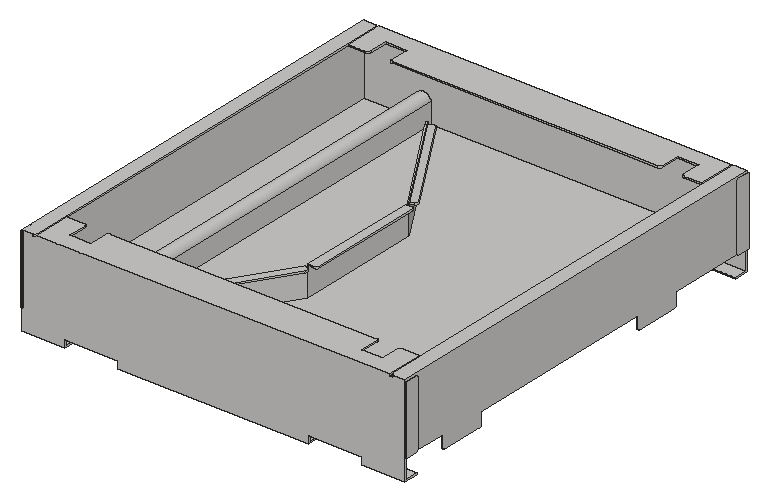
Revit family "QF_Vollrath_351042", category Specialty Equipment, Revit 2016
Family settings
  Part Type = Normal
  Round Connector Dimension = Use Diameter
  OmniClass Number = 23.40.40.00
  OmniClass Title = Food Service Equipment and Furnishings
  Work Plane-Based = No
  Always vertical = Yes
  Cut with Voids When Loaded = No
  Shared = No
  Room Calculation Point = No
Parameters
  Width = 18.196"
  Watermarked By = ""
  Model = "351042"
  Manufacturer = "Vollrath"
  Item Number = "-"
  Height = 4.25"
  Description = "Stack Kit"
  Depth = 20.28"
  Assembly Code = "E1090300"
Reference planes (in)
  plane 1 "BACK": y = 0
  plane 2: z = 0
  plane 3 "LEFT": x = -16.56573
  plane 4 "FRONT": y = -20.28
  plane 5 "RIGHT": x = 1.63027
  plane 6 "TOP": z = 4.25
  plane 7 "Bottom 2": z = 1
  plane 8 "Bottom 1": z = 0.34
  plane 9: y = -10.14
  plane 10: x = -7.46773
Forms (in)
  Extrusion 1, solid, material "QF_Stainless-Polished"
    sketch origin (0, 0, 0) x (1, 0, 0) y (0, 0, 1)
      loop
        line (1.63027, 0) -> (1.63027, 4.25) -> (-16.56573, 4.25) -> (-16.56573, 0) -> (-14.51573, 0) -> (-14.51573, 0.34) -> (-12.01573, 0.34) -> (-12.01573, 0) -> (-2.91973, 0) -> (-2.91973, 0.34) -> (-0.41973, 0.34) -> (-0.41973, 0) -> (1.63027, 0)
    from 0 to 0.06
  Extrusion 2, solid, material "QF_Stainless-Polished"
    sketch origin (0, -20.28, 0) x (-1, 0, 0) y (0, 0, 1)
      loop
        line (16.56573, 0) -> (16.56573, 4.25) -> (-1.63027, 4.25) -> (-1.63027, 0) -> (0.41973, 0) -> (0.41973, 0.34) -> (2.91973, 0.34) -> (2.91973, 0) -> (12.01573, 0) -> (12.01573, 0.34) -> (14.51573, 0.34) -> (14.51573, 0) -> (16.56573, 0)
    from 0 to 0.06
  Extrusion 3, solid, material "QF_Stainless-Polished"
    sketch origin (0, 0, 0) x (1, 0, 0) y (0, 1, 0)
      loop
        arc (-14.64573, -0.67) -> (-14.5538, -0.63192) -> (-14.51573, -0.54) r 0.13
        line (-14.51573, -0.54) -> (-14.51573, -0.06) -> (-16.56573, -0.06) -> (-16.56573, -0.67) -> (-14.64573, -0.67)
      loop
        line (-12.01573, -0.06) -> (-12.01573, -0.54)
        arc (-12.01573, -0.54) -> (-11.97765, -0.63192) -> (-11.88573, -0.67) r 0.13
        line (-11.88573, -0.67) -> (-3.04973, -0.67)
        arc (-3.04973, -0.67) -> (-2.9578, -0.63192) -> (-2.91973, -0.54) r 0.13
        line (-2.91973, -0.54) -> (-2.91973, -0.06) -> (-12.01573, -0.06)
      loop
        line (-0.41973, -0.06) -> (-0.41973, -0.54)
        arc (-0.41973, -0.54) -> (-0.38165, -0.63192) -> (-0.28973, -0.67) r 0.13
        line (-0.28973, -0.67) -> (1.63027, -0.67) -> (1.63027, -0.06) -> (-0.41973, -0.06)
    from 0 to 0.06
  Extrusion 4, solid, material "QF_Stainless-Polished"
    sketch origin (0, 0, 0) x (1, 0, 0) y (0, 1, 0)
      loop
        line (-16.56573, -19.61) -> (-16.56573, -20.22) -> (-14.51573, -20.22) -> (-14.51573, -19.74)
        arc (-14.51573, -19.74) -> (-14.5538, -19.64808) -> (-14.64573, -19.61) r 0.13
        line (-14.64573, -19.61) -> (-16.56573, -19.61)
      loop
        line (-12.01573, -20.22) -> (-2.91973, -20.22) -> (-2.91973, -19.74)
        arc (-2.91973, -19.74) -> (-2.9578, -19.64808) -> (-3.04973, -19.61) r 0.13
        line (-3.04973, -19.61) -> (-11.88573, -19.61)
        arc (-11.88573, -19.61) -> (-11.97765, -19.64808) -> (-12.01573, -19.74) r 0.13
        line (-12.01573, -19.74) -> (-12.01573, -20.22)
      loop
        line (-0.41973, -20.22) -> (1.63027, -20.22) -> (1.63027, -19.61) -> (-0.28973, -19.61)
        arc (-0.28973, -19.61) -> (-0.38165, -19.64808) -> (-0.41973, -19.74) r 0.13
        line (-0.41973, -19.74) -> (-0.41973, -20.22)
    from 0 to 0.06
  Extrusion 5, solid, material "QF_Stainless-Polished"
    sketch origin (-16.56573, 0, 0) x (0, 1, 0) y (0, 0, 1)
      loop
        line (0, 4.25) -> (-20.28, 4.25) -> (-20.28, 1) -> (-18.03, 1) -> (-18.03, 0.47)
        arc (-18.03, 0.47) -> (-17.99192, 0.37808) -> (-17.9, 0.34) r 0.13
        line (-17.9, 0.34) -> (-15.91, 0.34)
        arc (-15.91, 0.34) -> (-15.81808, 0.37808) -> (-15.78, 0.47) r 0.13
        line (-15.78, 0.47) -> (-15.78, 1) -> (-6.476, 1) -> (-6.476, 0.47)
        arc (-6.476, 0.47) -> (-6.43792, 0.37808) -> (-6.346, 0.34) r 0.13
        line (-6.346, 0.34) -> (-4.356, 0.34)
        arc (-4.356, 0.34) -> (-4.26408, 0.37808) -> (-4.226, 0.47) r 0.13
        line (-4.226, 0.47) -> (-4.226, 1) -> (0, 1) -> (0, 4.25)
    from 0 to 0.06
  Extrusion 6, solid, material "QF_Stainless-Polished"
    sketch origin (1.63027, 0, 0) x (0, 1, 0) y (0, 0, 1)
      loop
        line (-4.226, 1) -> (0, 1) -> (0, 4.25) -> (-20.28, 4.25) -> (-20.28, 1) -> (-18.03, 1) -> (-18.03, 0.47)
        arc (-18.03, 0.47) -> (-17.99192, 0.37808) -> (-17.9, 0.34) r 0.13
        line (-17.9, 0.34) -> (-15.91, 0.34)
        arc (-15.91, 0.34) -> (-15.81808, 0.37808) -> (-15.78, 0.47) r 0.13
        line (-15.78, 0.47) -> (-15.78, 1) -> (-6.476, 1) -> (-6.476, 0.47)
        arc (-6.476, 0.47) -> (-6.43792, 0.37808) -> (-6.346, 0.34) r 0.13
        line (-6.346, 0.34) -> (-4.356, 0.34)
        arc (-4.356, 0.34) -> (-4.26408, 0.37808) -> (-4.226, 0.47) r 0.13
        line (-4.226, 0.47) -> (-4.226, 1)
    from 0 to -0.06
  Extrusion 7, solid, material "QF_Stainless-Polished"
    sketch origin (0, 0, 4.25) x (0, 1, 0) y (-1, 0, 0)
      loop
        line (0, 16.56573) -> (-20.28, 16.56573) -> (-20.28, 16.02573)
        arc (-20.28, 16.02573) -> (-20.24192, 15.9338) -> (-20.15, 15.89573) r 0.13
        line (-20.15, 15.89573) -> (-0.13, 15.89573)
        arc (-0.13, 15.89573) -> (-0.03808, 15.9338) -> (0, 16.02573) r 0.13
        line (0, 16.02573) -> (0, 16.56573)
      loop
        line (-20.28, -1.63027) -> (0, -1.63027) -> (0, -1.09027)
        arc (0, -1.09027) -> (-0.03808, -0.99835) -> (-0.13, -0.96027) r 0.13
        line (-0.13, -0.96027) -> (-20.15, -0.96027)
        arc (-20.15, -0.96027) -> (-20.24192, -0.99835) -> (-20.28, -1.09027) r 0.13
        line (-20.28, -1.09027) -> (-20.28, -1.63027)
      loop
        line (-1.79, 15.83573) -> (-1.79, 15.02573)
        arc (-1.79, 15.02573) -> (-1.75192, 14.9338) -> (-1.66, 14.89573) r 0.13
        line (-1.66, 14.89573) -> (-0.79, 14.89573) -> (-0.79, 13.89573) -> (-1.66, 13.89573)
        arc (-1.66, 13.89573) -> (-1.75192, 13.85765) -> (-1.79, 13.76573) r 0.13
        line (-1.79, 13.76573) -> (-1.79, 1.16973)
        arc (-1.79, 1.16973) -> (-1.75192, 1.0778) -> (-1.66, 1.03973) r 0.13
        line (-1.66, 1.03973) -> (-0.79, 1.03973) -> (-0.79, 0.03973) -> (-1.66, 0.03973)
        arc (-1.66, 0.03973) -> (-1.75192, 0.00165) -> (-1.79, -0.09027) r 0.13
        line (-1.79, -0.09027) -> (-1.79, -0.90027) -> (0, -0.90027) -> (0, 15.83573) -> (-1.79, 15.83573)
      loop
        line (-18.49, -0.90027) -> (-18.49, -0.09027)
        arc (-18.49, -0.09027) -> (-18.52808, 0.00165) -> (-18.62, 0.03973) r 0.13
        line (-18.62, 0.03973) -> (-19.49, 0.03973) -> (-19.49, 1.03973) -> (-18.62, 1.03973)
        arc (-18.62, 1.03973) -> (-18.52808, 1.0778) -> (-18.49, 1.16973) r 0.13
        line (-18.49, 1.16973) -> (-18.49, 13.76573)
        arc (-18.49, 13.76573) -> (-18.52808, 13.85765) -> (-18.62, 13.89573) r 0.13
        line (-18.62, 13.89573) -> (-19.49, 13.89573) -> (-19.49, 14.89573) -> (-18.62, 14.89573)
        arc (-18.62, 14.89573) -> (-18.52808, 14.9338) -> (-18.49, 15.02573) r 0.13
        line (-18.49, 15.02573) -> (-18.49, 15.83573) -> (-20.28, 15.83573) -> (-20.28, -0.90027) -> (-18.49, -0.90027)
    from 0 to 0.06
  Extrusion 8, solid, material "QF_Stainless-Polished"
    sketch origin (1.63027, 0, 0) x (0, 1, 0) y (0, 0, 1)
      loop
        line (0, 4.25) -> (-0.54, 4.25)
        arc (-0.54, 4.25) -> (-0.63192, 4.21192) -> (-0.67, 4.12) r 0.13
        line (-0.67, 4.12) -> (-0.67, 1.13)
        arc (-0.67, 1.13) -> (-0.63192, 1.03808) -> (-0.54, 1) r 0.13
        line (-0.54, 1) -> (0, 1) -> (0, 4.25)
      loop
        line (-20.28, 4.25) -> (-20.28, 1) -> (-19.74, 1)
        arc (-19.74, 1) -> (-19.64808, 1.03808) -> (-19.61, 1.13) r 0.13
        line (-19.61, 1.13) -> (-19.61, 4.12)
        arc (-19.61, 4.12) -> (-19.64808, 4.21192) -> (-19.74, 4.25) r 0.13
        line (-19.74, 4.25) -> (-20.28, 4.25)
    from 0 to 0.06
  Extrusion 9, solid, material "QF_Stainless-Polished"
    sketch origin (-16.56573, 0, 0) x (0, 1, 0) y (0, 0, 1)
      loop
        arc (-0.54, 4.25) -> (-0.63192, 4.21192) -> (-0.67, 4.12) r 0.13
        line (-0.67, 4.12) -> (-0.67, 1.13)
        arc (-0.67, 1.13) -> (-0.63192, 1.03808) -> (-0.54, 1) r 0.13
        line (-0.54, 1) -> (0, 1) -> (0, 4.25) -> (-0.54, 4.25)
      loop
        line (-19.61, 1.13) -> (-19.61, 4.12)
        arc (-19.61, 4.12) -> (-19.64808, 4.21192) -> (-19.74, 4.25) r 0.13
        line (-19.74, 4.25) -> (-20.28, 4.25) -> (-20.28, 1) -> (-19.74, 1)
        arc (-19.74, 1) -> (-19.64808, 1.03808) -> (-19.61, 1.13) r 0.13
    from 0 to -0.06
  Extrusion 10, solid, material "QF_Stainless-Polished"
    sketch origin (0, 0, 1) x (0, 1, 0) y (-1, 0, 0)
      loop
        line (-20.22, 16.50573) -> (-20.22, -1.57027) -> (-0.06, -1.57027) -> (-0.06, 16.50573) -> (-20.22, 16.50573)
    from 0 to 0.06
  Extrusion 11, solid, material "QF_Stainless-Polished"
    sketch origin (0, 0, 1) x (0, 1, 0) y (-1, 0, 0)
      loop
        line (-20.22, 14.01573) -> (-20.22, 13.33573) -> (-0.06, 13.33573) -> (-0.06, 14.01573) -> (-20.22, 14.01573)
    from 0 to 1
  Sweep 12, solid, material "QF_Stainless-Polished"
    path in 3D
      loop
        line (-13.33573, -20.22, 2) -> (-13.33573, -0.06, 2)
    profile origin (-13.33573, -10.14, 2) x (-1, 0, 0) y (0, 0, 1)
      loop
        line (0, 0) -> (0.68, 0)
        arc (0.68, 0) -> (0.34, 0.34) -> (0, 0) r 0.34
  Extrusion 13, solid, material "QF_Stainless-Polished"
    sketch origin (0, 0, 1) x (0, 1, 0) y (-1, 0, 0)
      loop
        line (-13.14, 8.70573) -> (-7.14, 8.70573) -> (-1.79, 12.07973) -> (-1.79, 12.16458) -> (-7.16485, 8.76573) -> (-13.11515, 8.76573) -> (-18.49, 12.16458) -> (-18.49, 12.07973) -> (-13.14, 8.70573)
    from 0 to 1.3401
  Extrusion 14, solid, material "QF_Stainless-Polished"
    sketch origin (0, 0, 2.3401) x (0, 1, 0) y (-1, 0, 0)
      loop
        line (-7.24423, 8.76573) -> (-13.03577, 8.76573) -> (-13.03577, 8.47573)
        arc (-13.03577, 8.47573) -> (-12.99769, 8.3838) -> (-12.90577, 8.34573) r 0.13
        line (-12.90577, 8.34573) -> (-7.37423, 8.34573)
        arc (-7.37423, 8.34573) -> (-7.28231, 8.3838) -> (-7.24423, 8.47573) r 0.13
        line (-7.24423, 8.47573) -> (-7.24423, 8.76573)
      loop
        line (-2.08698, 11.97678) -> (-7.09776, 8.80815) -> (-6.94277, 8.56305)
        arc (-6.94277, 8.56305) -> (-6.86145, 8.5057) -> (-6.76341, 8.52265) r 0.13
        line (-6.76341, 8.52265) -> (-1.97238, 11.55232)
        arc (-1.97238, 11.55232) -> (-1.91504, 11.63363) -> (-1.93199, 11.73167) r 0.13
        line (-1.93199, 11.73167) -> (-2.08698, 11.97678)
      loop
        line (-13.18224, 8.80815) -> (-18.19302, 11.97678) -> (-18.34801, 11.73167)
        arc (-18.34801, 11.73167) -> (-18.36496, 11.63363) -> (-18.30762, 11.55232) r 0.13
        line (-18.30762, 11.55232) -> (-13.51659, 8.52265)
        arc (-13.51659, 8.52265) -> (-13.41855, 8.5057) -> (-13.33723, 8.56305) r 0.13
        line (-13.33723, 8.56305) -> (-13.18224, 8.80815)
    from 0 to 0.06
Cuts and joins
  joined: Extrusion 1, Extrusion 2, Extrusion 3, Extrusion 4, Extrusion 6, Extrusion 7
  joined: Extrusion 11, Sweep 12
  joined: Extrusion 10, Extrusion 13, Extrusion 14
Lines and regions (in)
  sketch lines
    curve 1: line (-13.33573, -20.22, 2) -> (-13.33573, -0.06, 2)
  symbolic lines
    curve 2: line (-16.56573, 0, 1) -> (1.63027, 0, 1)
    curve 3: line (-16.56573, -20.28, 1) -> (-16.56573, 0, 1)
    curve 4: line (1.63027, -20.28, 1) -> (-16.56573, -20.28, 1)
    curve 5: line (1.63027, 0, 1) -> (1.63027, -20.28, 1)
  symbolic lines, style "QF_Details_Surface"
    curve 6: line (-15.89573, -20.15, 1) -> (-15.89573, -0.13, 1)
    curve 7: arc (-15.89573, -0.13, 1) -> (-15.9338, -0.03808, 1) -> (-16.02573, 0, 1) r 0.13
    curve 8: arc (-16.02573, -20.28, 1) -> (-15.9338, -20.24192, 1) -> (-15.89573, -20.15, 1) r 0.13
    curve 9: line (-15.83573, 0, 1) -> (-15.83573, -1.79, 1)
    curve 10: line (-15.83573, -1.79, 1) -> (-15.02573, -1.79, 1)
    curve 11: arc (-15.02573, -1.79, 1) -> (-14.9338, -1.75192, 1) -> (-14.89573, -1.66, 1) r 0.13
    curve 12: line (-14.89573, -1.66, 1) -> (-14.89573, -0.79, 1)
    curve 13: line (-14.89573, -0.79, 1) -> (-13.89572, -0.79, 1)
    curve 14: line (-13.89572, -0.79, 1) -> (-13.89572, -1.65999, 1)
    curve 15: arc (-13.89572, -1.65999, 1) -> (-13.85765, -1.75191, 1) -> (-13.76573, -1.78998, 1) r 0.12999
    curve 16: line (-13.76573, -1.78998, 1) -> (-1.16972, -1.78998, 1)
    curve 17: arc (-1.16972, -1.78998, 1) -> (-1.07781, -1.75191, 1) -> (-1.03973, -1.65999, 1) r 0.12999
    curve 18: line (-1.03973, -1.65999, 1) -> (-1.03973, -0.79, 1)
    curve 19: line (-1.03973, -0.79, 1) -> (-0.03973, -0.79, 1)
    curve 20: line (-0.03973, -0.79, 1) -> (-0.03973, -1.66, 1)
    curve 21: arc (-0.03973, -1.66, 1) -> (-0.00165, -1.75192, 1) -> (0.09027, -1.79, 1) r 0.13
    curve 22: line (0.09027, -1.79, 1) -> (0.90027, -1.79, 1)
    curve 23: line (0.90027, -1.79, 1) -> (0.90027, 0, 1)
    curve 24: line (0.96027, -0.13, 1) -> (0.96027, -20.15, 1)
    curve 25: arc (1.09027, 0, 1) -> (0.99835, -0.03808, 1) -> (0.96027, -0.13, 1) r 0.13
    curve 26: arc (0.96027, -20.15, 1) -> (0.99835, -20.24192, 1) -> (1.09027, -20.28, 1) r 0.13
    curve 27: line (0.90027, -20.28, 1) -> (0.90027, -18.49, 1)
    curve 28: line (0.90027, -18.49, 1) -> (0.09027, -18.49, 1)
    curve 29: arc (0.09027, -18.49, 1) -> (-0.00165, -18.52808, 1) -> (-0.03973, -18.62, 1) r 0.13
    curve 30: line (-0.03973, -18.62, 1) -> (-0.03973, -19.49, 1)
    curve 31: line (-0.03973, -19.49, 1) -> (-1.03961, -19.49, 1)
    curve 32: line (-1.03961, -19.49, 1) -> (-1.03961, -18.61986, 1)
    curve 33: arc (-1.03961, -18.61986, 1) -> (-1.07774, -18.52781, 1) -> (-1.16978, -18.48968, 1) r 0.13017
    curve 34: line (-1.16978, -18.48968, 1) -> (-13.76567, -18.48968, 1)
    curve 35: line (-13.89584, -18.61986, 1) -> (-13.89584, -19.49, 1)
    curve 36: arc (-13.76567, -18.48968, 1) -> (-13.85771, -18.52781, 1) -> (-13.89584, -18.61986, 1) r 0.13017
    curve 37: line (-13.89584, -19.49, 1) -> (-14.89573, -19.49, 1)
    curve 38: line (-14.89573, -19.49, 1) -> (-14.89573, -18.62, 1)
    curve 39: arc (-14.89573, -18.62, 1) -> (-14.9338, -18.52808, 1) -> (-15.02573, -18.49, 1) r 0.13
    curve 40: line (-15.02573, -18.49, 1) -> (-15.83573, -18.49, 1)
    curve 41: line (-14.01573, -0.79, 1) -> (-14.01573, -19.49, 1)
    curve 42: line (-13.33573, -18.48968, 1) -> (-13.33573, -1.78998, 1)
    curve 43: line (-8.76573, -13.11515, 1) -> (-12.16438, -18.48968, 1)
    curve 44: line (-11.55232, -18.30762, 1) -> (-8.52266, -13.51659, 1)
    curve 45: arc (-8.52266, -13.51659, 1) -> (-8.50571, -13.41855, 1) -> (-8.56305, -13.33725, 1) r 0.12999
    curve 46: line (-8.56305, -13.33725, 1) -> (-8.80816, -13.18225, 1)
    curve 47: line (-8.76573, -13.03577, 1) -> (-8.47573, -13.03577, 1)
    curve 48: line (-8.76573, -7.165, 1) -> (-8.76573, -13.11515, 1)
    curve 49: arc (-8.47573, -13.03577, 1) -> (-8.3838, -12.99769, 1) -> (-8.34573, -12.90577, 1) r 0.13
    curve 50: line (-8.34573, -12.90577, 1) -> (-8.34573, -7.37423, 1)
    curve 51: arc (-8.34573, -7.37423, 1) -> (-8.3838, -7.28231, 1) -> (-8.47573, -7.24423, 1) r 0.13
    curve 52: line (-8.47573, -7.24423, 1) -> (-8.76573, -7.24423, 1)
    curve 53: line (-8.80821, -7.09781, 1) -> (-8.56126, -6.94163, 1)
    curve 54: line (-12.16459, -1.78998, 1) -> (-8.76573, -7.165, 1)
    curve 55: arc (-8.56126, -6.94163, 1) -> (-8.50545, -6.86034, 1) -> (-8.52274, -6.76327, 1) r 0.13001
    curve 56: line (-8.52274, -6.76327, 1) -> (-11.55232, -1.97238, 1)
    curve 57: arc (-11.55232, -1.97238, 1) -> (-11.63363, -1.91504, 1) -> (-11.73167, -1.93199, 1) r 0.13
    curve 58: line (-11.73167, -1.93199, 1) -> (-11.97678, -2.08698, 1)
    curve 59: line (-8.70568, -7.13997, 1) -> (-8.75402, -7.06353, 1)
    curve 60: line (-8.70568, -7.13997, 1) -> (-8.70568, -7.24423, 1)
    curve 61: line (-8.70572, -13.14, 1) -> (-8.70572, -13.03577, 1)
    curve 62: line (-8.70572, -13.14, 1) -> (-8.75407, -13.21645, 1)
    curve 63: line (-11.91629, -18.23127, 1) -> (-12.0797, -18.48968, 1)
    curve 64: line (-11.91648, -2.04885, 1) -> (-12.07973, -1.78998, 1)
    curve 65: line (-11.97678, -18.19302, 1) -> (-11.73167, -18.34801, 1)
    curve 66: arc (-11.73167, -18.34801, 1) -> (-11.63363, -18.36496, 1) -> (-11.55232, -18.30762, 1) r 0.13
Dimensions and locks (in)
  "Width": plane 3 "LEFT" to plane 5 "RIGHT"
  "Depth": plane 4 "FRONT" to plane 1 "BACK"
  "Height": plane 6 "TOP" to plane 2
  locked: plane 6 "TOP" to plane 7 "Bottom 2" at 3.25
  locked: plane 6 "TOP" to plane 8 "Bottom 1" at 3.91
  equal spacing: plane 3 "LEFT", plane 10, plane 5 "RIGHT"
  equal spacing: plane 1 "BACK", plane 9, plane 4 "FRONT"
  aligned and locked: level to plane 2
  aligned and locked: level to Extrusion 1 sketch curve
  aligned and locked: Extrusion 1 sketch curve to level
  aligned and locked: Extrusion 2 sketch curve to Extrusion 1  (x12)
  aligned and locked: plane 5 "RIGHT" to Extrusion 3 sketch curve
  aligned and locked: plane 3 "LEFT" to Extrusion 3 sketch curve
  aligned and locked: Extrusion 3 sketch curve to Extrusion 3 sketch curve  (x2)
  aligned and locked: Extrusion 1 to Extrusion 3 sketch curve  (x2)
  aligned and locked: Extrusion 5 sketch curve to plane 6 "TOP"
  aligned and locked: Extrusion 5 sketch curve to plane 7 "Bottom 2"
  aligned and locked: Extrusion 5 sketch curve to plane 8 "Bottom 1"
  aligned and locked: Extrusion 6 sketch curve to Extrusion 5  (x9)
  aligned and locked: Extrusion 6 sketch curve to plane 6 "TOP"
  aligned and locked: plane 4 "FRONT" to Extrusion 6 sketch curve
  aligned and locked: plane 1 "BACK" to Extrusion 6 sketch curve
  aligned and locked: curve 2 to cut or joined group of Extrusion 1, Extrusion 2, Extrusion 3, Extrusion 4, Extrusion 6, Extrusion 7
  aligned and locked: curve 3 to Extrusion 5
  aligned and locked: curve 4 to cut or joined group of Extrusion 1, Extrusion 2, Extrusion 3, Extrusion 4, Extrusion 6, Extrusion 7
  aligned and locked: curve 5 to Extrusion 8
Automatic sketch dimensions
  Extrusion 1 sketch curve to plane 3 "LEFT" = 0"
  Extrusion 1 sketch curve to plane 8 "Bottom 1" = 0"  (x2)
  Extrusion 1 sketch curve to plane 5 "RIGHT" = 0"
  plane 3 "LEFT" to Extrusion 1 sketch curve = 2.05"
  Extrusion 1 sketch curve to Extrusion 1 sketch curve = 2.5"
  Extrusion 1 sketch curve to plane 5 "RIGHT" = 4.55"
  Extrusion 1 sketch curve to plane 5 "RIGHT" = 2.05"
  Extrusion 1 sketch curve to level = 0"
  Extrusion 1 sketch curve to plane 6 "TOP" = 0"
  plane 3 "LEFT" to Extrusion 3 sketch curve = 1.92"
  plane 1 "BACK" to Extrusion 3 sketch curve = 0.06"
  Extrusion 3 sketch curve to Extrusion 3 sketch curve = 0.13"  (x3)
  plane 1 "BACK" to Extrusion 3 sketch curve = 0.54"  (x2)
  Extrusion 3 sketch curve to Extrusion 3 sketch curve = 2.5"
  Extrusion 3 sketch curve to plane 5 "RIGHT" = 4.68"
  Extrusion 3 sketch curve to plane 5 "RIGHT" = 2.05"
  Extrusion 4 sketch curve to plane 3 "LEFT" = 0"
  Extrusion 4 sketch curve to plane 5 "RIGHT" = 0"
  plane 4 "FRONT" to Extrusion 4 sketch curve = 0.54"  (x3)
  plane 3 "LEFT" to Extrusion 4 sketch curve = 1.92"
  plane 4 "FRONT" to Extrusion 4 sketch curve = 0.06"  (x3)
  Extrusion 4 sketch curve to Extrusion 4 sketch curve = 0.13"  (x3)
  Extrusion 4 sketch curve to Extrusion 4 sketch curve = 2.5"
  plane 10 to Extrusion 4 sketch curve = 4.418"
  Extrusion 4 sketch curve to plane 5 "RIGHT" = 2.05"
  Extrusion 4 sketch curve to Extrusion 4 sketch curve = 0.48"
  Extrusion 5 sketch curve to plane 4 "FRONT" = 0"
  Extrusion 5 sketch curve to plane 7 "Bottom 2" = 0"  (x2)
  Extrusion 5 sketch curve to plane 8 "Bottom 1" = 0"
  Extrusion 5 sketch curve to plane 1 "BACK" = 0"
  plane 4 "FRONT" to Extrusion 5 sketch curve = 2.25"
  Extrusion 5 sketch curve to Extrusion 5 sketch curve = 0.13"
  plane 8 "Bottom 1" to Extrusion 5 sketch curve = 0.13"  (x3)
  Extrusion 5 sketch curve to Extrusion 5 sketch curve = 1.99"  (x2)
  Extrusion 5 sketch curve to plane 9 = 3.664"
  Extrusion 6 sketch curve to Extrusion 6 sketch curve = 0.13"  (x3)
  plane 8 "Bottom 1" to Extrusion 6 sketch curve = 0.13"
  Extrusion 7 sketch curve to plane 4 "FRONT" = 0"  (x3)
  plane 1 "BACK" to Extrusion 7 sketch curve = 0"  (x3)
  Extrusion 7 sketch curve to plane 5 "RIGHT" = 0"
  Extrusion 7 sketch curve to plane 3 "LEFT" = 0"
  plane 4 "FRONT" to Extrusion 7 sketch curve = 0.13"  (x2)
  plane 4 "FRONT" to Extrusion 7 sketch curve = 0.79"  (x2)
  Extrusion 7 sketch curve to Extrusion 7 sketch curve = 0.87"  (x4)
  Extrusion 7 sketch curve to Extrusion 7 sketch curve = 0.13"  (x8)
  Extrusion 7 sketch curve to Extrusion 7 sketch curve = 1.79"
  Extrusion 7 sketch curve to Extrusion 7 sketch curve = 0"  (x2)
  plane 1 "BACK" to Extrusion 7 sketch curve = 0.79"  (x2)
  plane 1 "BACK" to Extrusion 7 sketch curve = 0.13"
  Extrusion 7 sketch curve to Extrusion 7 sketch curve = 0.54"
  Extrusion 7 sketch curve to plane 5 "RIGHT" = 0.73"  (x2)
  Extrusion 7 sketch curve to Extrusion 7 sketch curve = 0.81"  (x2)
  Extrusion 7 sketch curve to Extrusion 7 sketch curve = 1"  (x4)
  plane 3 "LEFT" to Extrusion 7 sketch curve = 2.8"  (x2)
  plane 3 "LEFT" to Extrusion 7 sketch curve = 0.73"  (x2)
  Extrusion 7 sketch curve to Extrusion 7 sketch curve = 0.06"
  Extrusion 8 sketch curve to plane 4 "FRONT" = 0"
  Extrusion 8 sketch curve to plane 7 "Bottom 2" = 0"  (x2)
  Extrusion 8 sketch curve to plane 6 "TOP" = 0"  (x2)
  Extrusion 8 sketch curve to plane 1 "BACK" = 0"
  Extrusion 8 sketch curve to Extrusion 8 sketch curve = 0.54"
  Extrusion 8 sketch curve to plane 6 "TOP" = 0.13"
  plane 4 "FRONT" to Extrusion 8 sketch curve = 0.54"
  plane 7 "Bottom 2" to Extrusion 8 sketch curve = 0.13"
  plane 1 "BACK" to Extrusion 8 sketch curve = 0.67"
  Extrusion 8 sketch curve to Extrusion 8 sketch curve = 0.13"
  Extrusion 9 sketch curve to plane 4 "FRONT" = 0"
  Extrusion 9 sketch curve to plane 7 "Bottom 2" = 0"  (x2)
  Extrusion 9 sketch curve to plane 6 "TOP" = 0"  (x2)
  Extrusion 9 sketch curve to plane 1 "BACK" = 0"
  plane 4 "FRONT" to Extrusion 9 sketch curve = 0.54"  (x2)
  Extrusion 9 sketch curve to plane 6 "TOP" = 0.13"  (x2)
  plane 1 "BACK" to Extrusion 9 sketch curve = 0.67"
  plane 7 "Bottom 2" to Extrusion 9 sketch curve = 0.13"
  plane 4 "FRONT" to Extrusion 10 sketch curve = 0.06"
  plane 1 "BACK" to Extrusion 10 sketch curve = 0.06"
  Extrusion 10 sketch curve to plane 5 "RIGHT" = 0.06"
  plane 3 "LEFT" to Extrusion 10 sketch curve = 0.06"
  plane 1 "BACK" to Extrusion 11 sketch curve = 0.06"
  plane 3 "LEFT" to Extrusion 11 sketch curve = 2.55"
  Extrusion 11 sketch curve to Extrusion 11 sketch curve = 0.68"
  plane 4 "FRONT" to Extrusion 11 sketch curve = 0.06"
  Sweep 12 sketch curve to profile plane = 0"  (x2)
  Sweep 12 sketch curve to profile plane = 0.34"
  Extrusion 13 sketch curve to plane 10 = 1.238"
  plane 9 to Extrusion 13 sketch curve = 3"
  Extrusion 13 sketch curve to plane 10 = 1.298"
  Extrusion 13 sketch curve to Extrusion 13 sketch curve = 0.02485"  (x2)
  Extrusion 13 sketch curve to plane 9 = 2.97515"
  plane 1 "BACK" to Extrusion 13 sketch curve = 1.79"
  plane 3 "LEFT" to Extrusion 13 sketch curve = 4.486"  (x2)
  Extrusion 13 sketch curve to Extrusion 13 sketch curve = 0.08485"  (x2)
  plane 4 "FRONT" to Extrusion 13 sketch curve = 1.79"
  Extrusion 14 sketch curve to Extrusion 13 = 0"  (x3)
  Extrusion 13 to Extrusion 14 sketch curve = 0"  (x2)
  Extrusion 14 sketch curve to Extrusion 13 = 0.14199"
  Extrusion 14 sketch curve to Extrusion 14 sketch curve = 0.155"
  Extrusion 13 to Extrusion 14 sketch curve = 0.18307"  (x2)
  Extrusion 14 sketch curve to Extrusion 13 = 4.97341"
  Extrusion 14 sketch curve to Extrusion 14 sketch curve = 0.06948"  (x4)
  Extrusion 13 to Extrusion 14 sketch curve = 0.14268"  (x2)
  Extrusion 14 sketch curve to Extrusion 14 sketch curve = 0.10987"  (x3)
  Extrusion 14 sketch curve to Extrusion 14 sketch curve = 0.14647"
  Extrusion 14 sketch curve to Extrusion 14 sketch curve = 0.13"  (x2)
  Extrusion 13 to Extrusion 14 sketch curve = 0.23"
  Extrusion 14 sketch curve to Extrusion 14 sketch curve = 5.53153"
  Extrusion 13 to Extrusion 14 sketch curve = 0.04243"
  Extrusion 14 sketch curve to Extrusion 13 = 0.29698"
  Extrusion 14 sketch curve to Extrusion 13 = 0.25186"
  Extrusion 14 sketch curve to Extrusion 14 sketch curve = 0.17936"  (x2)
  Extrusion 14 sketch curve to Extrusion 13 = 0.18238"
  plane 4 "FRONT" to curve 6 = 0.13"
  plane 4 "FRONT" to curve 24 = 0.13"
  plane 4 "FRONT" to curve 37 = 0.79"
  plane 4 "FRONT" to curve 30 = 0.79"
  curve 37 to curve 38 = 0.87"
  curve 30 to curve 30 = 0.87"
  curve 35 to curve 35 = 0.87014"
  curve 31 to curve 32 = 0.87014"
  curve 39 to curve 40 = 0.13"
  curve 29 to curve 27 = 0.13"
  curve 36 to curve 34 = 0.13017"
  curve 63 to curve 65 = 0.14167"
  curve 66 to curve 66 = 0.10987"
  curve 44 to plane 10 = 1.05493"
  plane 9 to curve 44 = 3.37659"
  curve 44 to curve 45 = 0.06948"
  curve 46 to plane 10 = 1.09533"
  curve 45 to curve 46 = 0.10987"
  curve 45 to curve 61 = 0.19725"
  curve 61 to curve 48 = 0.02485"
  curve 61 to curve 47 = 0.10423"
  curve 47 to curve 50 = 0.13"
  curve 50 to plane 10 = 0.878"
  curve 50 to plane 9 = 2.76577"
  curve 51 to curve 52 = 0.13"
  curve 54 to plane 10 = 1.298"
  curve 52 to curve 54 = 0.07924"
  curve 59 to plane 10 = 1.23795"
  curve 48 to curve 59 = 0.02503"
  curve 53 to plane 10 = 1.09354"
  curve 59 to curve 53 = 0.19834"
  curve 53 to curve 55 = 0.10873"
  curve 56 to plane 10 = 1.05502"
  curve 55 to curve 56 = 0.06963"
  plane 1 "BACK" to curve 57 = 2.04186"
  curve 57 to curve 56 = 0.06948"
  curve 57 to curve 58 = 0.10987"
  curve 9 to curve 9 = 1.79"
  curve 22 to plane 5 "RIGHT" = 0.73"
  curve 22 to curve 23 = 1.79"
  curve 10 to curve 16 = 0.00002"
  curve 10 to curve 11 = 0.13"
  curve 21 to curve 21 = 0.13"
  curve 17 to curve 18 = 0.12999"
  curve 15 to curve 14 = 0.12999"
  plane 1 "BACK" to curve 14 = 0.79"
  plane 1 "BACK" to curve 20 = 0.79"
  curve 7 to curve 7 = 0.13"
  curve 25 to curve 25 = 0.13"
  curve 26 to plane 5 "RIGHT" = 0.54"
  curve 27 to plane 5 "RIGHT" = 0.73"
  curve 22 to curve 22 = 0.81"
  curve 27 to curve 28 = 0.81"
  curve 30 to curve 31 = 0.99989"
  curve 20 to curve 18 = 1.00001"
  curve 62 to curve 43 = 0.06"
  curve 56 to plane 10 = 4.08459"
  curve 56 to curve 57 = 0.10987"
  curve 66 to plane 10 = 4.19447"
  curve 66 to curve 65 = 0.06948"
  curve 65 to curve 34 = 2.034"
  curve 58 to curve 16 = 2.03406"
  curve 14 to curve 12 = 1.00001"
  curve 35 to curve 37 = 0.99989"
  plane 3 "LEFT" to curve 9 = 0.73"
  curve 9 to curve 6 = 0.06"
  curve 66 to curve 66 = 0.06948"
  curve 66 to curve 63 = 0.11674"
  curve 63 to curve 65 = 0.03825"
  curve 62 to curve 61 = 0.07645"
  curve 53 to plane 10 = 1.34049"
  curve 48 to curve 53 = 0.06719"
  curve 58 to curve 64 = 0.03813"
  curve 66 to curve 63 = 0.18462"
  curve 63 to curve 43 = 0.08467"
  curve 64 to curve 54 = 0.08486"
  curve 42 to curve 34 = 0.42994"
  curve 35 to curve 41 = 0.11989"
  plane 3 "LEFT" to curve 40 = 0.73"
